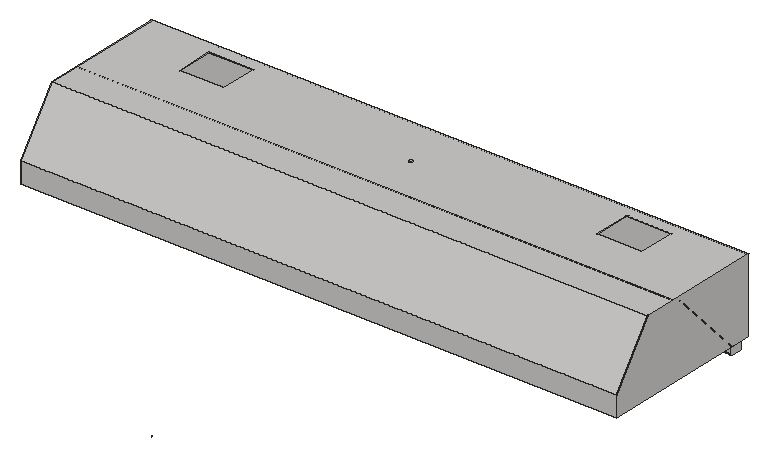
Revit family "QF_ELECTROLUXPROFESSIONAL_644240_ABPV1140DT", category Attrezzature speciali, Revit 2021
Family settings
  Quota connettore circolare = Usa diametro
  Tipo di parte = Normale
  Basato su piano di lavoro = No
  Sempre verticale = Sì
  Taglio con vuoti quando caricato = No
  Condiviso = No
  Punto di calcolo locali = No
Parameters (values of type "Standard")
  Weight = 109.00 kg
  Watts = 1100 W
  Volts = 220 V
  URL Manufacturer = "https://www.electroluxprofessional.com/"
  URL = "https://www.electroluxprofessional.com/"
  Steam Supply Size = 0 mm
  Steam Supply Minimum Pressure = 0.0 Pa
  Steam Supply Maximum Pressure = 0.0 Pa
  Steam Consumption per Hour = 0
  Refrigeration Suction Line Size = 0 mm
  Refrigeration Liquid Line Size = 0 mm
  Refrigerant Compressor Remote = yes
  Prospetto di default = 0 mm
  Produttore = "Electrolux Professional"
  Phase = 1
  Modello = "ABPV1140DT"
  Length Actual = 4000 mm  # constant formula
  Item Number = "644240"
  Hot Water Size = 0 mm
  Height Actual = 500 mm  # constant formula
  HP = "1.5 HP"
  Gas Size = 0 mm
  Gas KW = 0
  Gas Input Pressure = 0 W
  Direct Waste Size = 0 mm
  Descrizione = "304 S/S WALL HOOD+FILTER+FAN 4000X1100MM"
  Depth Actual = 1100 mm  # constant formula
  Cycle = 50 Hz
  Condensate Return Size = 0 mm
  Compressed Air Volume = 0.0 L/s
  Compressed Air Size = 0 mm
  Compressed Air Pressure = 0.0 Pa
  Cold Water Size = 0 mm
  Accessory = yes
Reference planes
  plane 1 "Center (Front/Back)": y = 0
  plane 2: z = 0
  plane 3 "Center (Left/Right)": x = 150
  plane 4 "LEFT": x = -1850
  plane 5 "RIGHT": x = 2150
  plane 6 "BACK": y = 550
  plane 7 "FRONT": y = -550
  plane 8 "TOP": z = 2500
  plane 9 "Base": z = 2000
  plane 10: z = 1926
  plane 11 "DrainY": y = 485
  plane 12: x = -1847
  plane 13: through (0, 414.509, 2000.8) normal (0, 0.7314, 0.682)
  plane 14: y = 470
  plane 15: y = 220
  plane 16 "DrainX": x = 2030
  plane 17: x = -1100
  plane 18: x = 1400
  plane 19: x = -1400
  plane 20: x = 1700
  plane 21: x = 2147
  plane 22: x = 1940
  plane 23: x = 2120
  plane 24: x = -1810
  plane 25: x = -1445
  plane 26: x = -1050
  plane 27: x = 2110
  plane 28: x = 1745
  plane 29: x = 1350
  plane 30: x = -47.5
  plane 31: x = 347.5
  plane 32: z = 2140
  plane 33: y = -289.2
Forms (mm)
  Extrusion 1, solid, material "QF_Finishes_Stainless Steel"
    sketch origin (-1850, 0, 360) x (0, 1, 0) y (0, 0, 1)
      loop
        line (550, 1640) -> (550, 2140) -> (-289.2, 2140) -> (-550, 1780) -> (-550, 1640) -> (550, 1640)
    from 0 to 3
  Extrusion 2, solid, material "QF_Finishes_Stainless Steel"
    sketch origin (150, 0, 360) x (0, 1, 0) y (0, 0, 1)
      loop
        line (415.255, 1640) -> (550, 1640) -> (550, 2139.19) -> (549.2, 2139.19) -> (549.2, 1640.8) -> (415.876, 1640.8) -> (339.347, 1722.867) -> (349.609, 1732.436) -> (348.927, 1733.167) -> (337.934, 1722.917) -> (415.255, 1640)
      loop
        line (-82.203, 2139.19) -> (-82.203, 2118.6) -> (-31.047, 2118.6) -> (34.354, 2048.466) -> (46.028, 2059.352) -> (45.346, 2060.083) -> (34.403, 2049.879) -> (-30.612, 2119.6) -> (-81.203, 2119.6) -> (-81.203, 2139.19) -> (-82.203, 2139.19)
    from -1997 to 1997
  Extrusion 3, solid, material "QF_Finishes_Stainless Steel"
    sketch origin (2150, 0, 360) x (0, 1, 0) y (0, 0, 1)
      loop
        line (550, 1640) -> (550, 2140) -> (-289.2, 2140) -> (-550, 1780) -> (-550, 1640) -> (550, 1640)
    from 0 to -3
  Extrusion 4, solid, material "QF_Finishes_Stainless Steel"
    sketch origin (150, 0, 360) x (0, 1, 0) y (0, 0, 1)
      loop
        line (550, 2139.19) -> (550, 2140) -> (-289.2, 2140) -> (-550, 1780) -> (-550, 1640) -> (-549.2, 1640) -> (-549.2, 1779.741) -> (-288.799, 2139.19) -> (550, 2139.19)
    from -2000 to 2000
  Extrusion 5, solid, material "QF_Finishes_Stainless Steel"
    sketch origin (150, 0, 360) x (0, 1, 0) y (0, 0, 1)
      loop
        line (534, 1640) -> (436, 1640) -> (436, 1627) -> (443.5, 1627) -> (443.5, 1576)
        arc (443.5, 1576) -> (446.429, 1568.929) -> (453.5, 1566) r 10
        line (453.5, 1566) -> (516.5, 1566)
        arc (516.5, 1566) -> (523.571, 1568.929) -> (526.5, 1576) r 10
        line (526.5, 1576) -> (526.5, 1627) -> (534, 1627) -> (534, 1640)
    from 1790 to 1970
  Extrusion 6, solid, material "QF_Finishes_Stainless Steel"
    sketch origin (0, 0, 2000) x (0, 1, 0) y (-1, 0, 0)
      loop
        circle (485, -2030) r 20
    from -76 to -74
  Extrusion 7, solid, material "QF_Finished_Chrome"
    sketch origin (150, 0, 360) x (0, 1, 0) y (0, 0, 1)
      loop
        line (337.934, 1722.917) -> (341.591, 1726.327) -> (38.011, 2051.876) -> (34.354, 2048.466) -> (337.934, 1722.917)
    from -1595 to -1960
  Extrusion 8, solid, material "QF_Finished_Chrome"
    sketch origin (150, 0, 360) x (0, 1, 0) y (0, 0, 1)
      loop
        line (337.934, 1722.917) -> (341.591, 1726.327) -> (38.011, 2051.876) -> (34.354, 2048.466) -> (337.934, 1722.917)
    from -197.5 to -1200
  Extrusion 9, solid, material "QF_Finishes_Stainless Steel"
    sketch origin (150, 0, 360) x (0, 1, 0) y (0, 0, 1)
      loop
        line (337.934, 1722.917) -> (341.591, 1726.327) -> (38.011, 2051.876) -> (34.354, 2048.466) -> (337.934, 1722.917)
    from 1997 to 1960
  Extrusion 10, solid, material "QF_Finishes_Stainless Steel"
    sketch origin (150, 0, 360) x (0, 1, 0) y (0, 0, 1)
      loop
        line (341.588, 1726.324) -> (38.009, 2051.874) -> (34.354, 2048.466) -> (337.934, 1722.917) -> (341.588, 1726.324)
    from -1595 to -1200
  Extrusion 11, solid, material "QF_Finished_Chrome"
    sketch origin (150, 0, 360) x (0, 1, 0) y (0, 0, 1)
      loop
        line (341.588, 1726.324) -> (38.009, 2051.874) -> (34.354, 2048.466) -> (337.934, 1722.917) -> (341.588, 1726.324)
    from 1595 to 1960
  Extrusion 12, void
    sketch origin (0, 0, 2500) x (0, 1, 0) y (-1, 0, 0)
      loop
        line (470, 1400) -> (220, 1400) -> (220, 1100) -> (470, 1100) -> (470, 1400)
    from 0 to -10
  Extrusion 13, void
    sketch origin (940, 0, 2500) x (0, 1, 0) y (-1, 0, 0)
      loop
        line (470, -460) -> (220, -460) -> (220, -760) -> (470, -760) -> (470, -460)
    from 0 to -10
  Extrusion 14, solid, material "QF_Finishes_Stainless Steel"
    sketch origin (0, 0, 0) x (1, 0, 0) y (0, 1, 0)
      loop
        line (-1850, 550) -> (-1850, 549) -> (-1849, 549) -> (-1849, 550) -> (-1850, 550)
    from 0 to 1
  Extrusion 15, solid, material "QF_Finishes_Stainless Steel"
    sketch origin (150, 0, 360) x (0, 1, 0) y (0, 0, 1)
      loop
        line (337.934, 1722.917) -> (341.591, 1726.327) -> (38.011, 2051.876) -> (34.354, 2048.466) -> (337.934, 1722.917)
    from -1960 to -1997
  Extrusion 16, solid, material "QF_Finishes_Stainless Steel"
    sketch origin (150, 0, 360) x (0, 1, 0) y (0, 0, -1)
      loop
        line (341.588, -1726.324) -> (337.934, -1722.917) -> (34.354, -2048.466) -> (38.009, -2051.874) -> (341.588, -1726.324)
    from -1595 to -1200
  Extrusion 17, solid, material "QF_Finished_Chrome"
    sketch origin (150, 0, 360) x (0, 1, 0) y (0, 0, 1)
      loop
        line (337.934, 1722.917) -> (341.591, 1726.327) -> (38.011, 2051.876) -> (34.354, 2048.466) -> (337.934, 1722.917)
    from 1200 to 197.5
  Extrusion 18, solid, material "QF_Finishes_Stainless Steel"
    sketch origin (150, 0, 360) x (0, 1, 0) y (0, 0, -1)
      loop
        line (341.588, -1726.324) -> (337.934, -1722.917) -> (34.354, -2048.466) -> (38.009, -2051.874) -> (341.588, -1726.324)
    from -197.5 to 197.5
  Extrusion 19, solid, material "QF_Finishes_Stainless Steel"
    sketch origin (0, 0, 2500) x (0, 1, 0) y (-1, 0, 0)
      loop
        circle (220, -150) r 10
    from 0 to 1.6
Cuts and joins
  Extrusion 12, Extrusion 13 cuts Extrusion 4
  joined: Extrusion 2, Extrusion 4
Lines and regions (mm)
  reference lines
    curve 1: line (150, 34.354, 2408.466) -> (150, 34.354, 2248.466)
  symbolic lines, style "SpecialityEquipment", detail levels coarse
    curve 2: line (2150, 550, 2500) -> (-1850, 550, 2500)
    curve 3: line (-1850, 550, 2500) -> (-1850, -550, 2500)
    curve 4: line (2150, -550, 2500) -> (2150, 550, 2500)
    curve 5: line (-1850, -550, 2500) -> (2150, -550, 2500)
    curve 6: line (-1400, 220, 2500) -> (-1100, 220, 2500)
    curve 7: line (-1400, 470, 2500) -> (-1400, 220, 2500)
    curve 8: line (-1100, 470, 2500) -> (-1400, 470, 2500)
    curve 9: line (-1100, 220, 2500) -> (-1100, 470, 2500)
    curve 10: line (1400, 470, 2500) -> (1400, 220, 2500)
    curve 11: line (1400, 220, 2500) -> (1700, 220, 2500)
    curve 12: line (1700, 470, 2500) -> (1400, 470, 2500)
    curve 13: line (1700, 220, 2500) -> (1700, 470, 2500)
    curve 14: line (-1850, -289.2, 0) -> (2150, -289.2, 0)
    curve 15: line (-1850, 550, 0) -> (2150, -289.2, 0)
    curve 16: line (2150, 550, 0) -> (-1850, -289.2, 0)
Dimensions and locks
  plane 4 "LEFT" to plane 5 "RIGHT" = 4000 mm
  equal spacing: plane 4 "LEFT", plane 3 "Center (Left/Right)", plane 5 "RIGHT"
  locked: plane 8 "TOP" to plane 9 "Base" at 500
  plane 9 "Base" to plane 10 = 74 mm
  plane 6 "BACK" to plane 11 "DrainY" = 65 mm  (x2)
  plane 4 "LEFT" to plane 12 = 3 mm
  plane 6 "BACK" to plane 14 = 80 mm
  plane 14 to plane 15 = 250 mm  (x2)
  plane 16 "DrainX" to plane 5 "RIGHT" = 120 mm
  locked: plane 17 to plane 18 at 2500
  equal spacing: plane 17, plane 3 "Center (Left/Right)", plane 18
  plane 19 to plane 17 = 300 mm
  plane 18 to plane 20 = 300 mm
  plane 21 to plane 5 "RIGHT" = 3 mm
  locked: plane 22 to plane 16 "DrainX" at 90
  locked: plane 16 "DrainX" to plane 23 at 90
  plane 6 "BACK" to plane 7 "FRONT" = 1100 mm  (x2)
  equal spacing: plane 6 "BACK", plane 1 "Center (Front/Back)", plane 7 "FRONT"
  plane 15 to plane 7 "FRONT" = 770 mm
  plane 14 to plane 6 "BACK" = 80 mm
  locked: plane 4 "LEFT" to plane 24 at 40
  locked: plane 24 to plane 25 at 365
  locked: plane 25 to plane 26 at 395
  locked: plane 27 to plane 28 at 365
  locked: plane 28 to plane 29 at 395
  locked: plane 27 to plane 5 "RIGHT" at 40
  locked: plane 30 to plane 31 at 395
  equal spacing: plane 30, plane 3 "Center (Left/Right)", plane 31
  plane 26 to plane 30 = 1002.5 mm
  plane 31 to plane 29 = 1002.5 mm
  plane 33 to plane 7 "FRONT" = 260.8 mm
  plane 32 to plane 9 "Base" = 140 mm
  locked: plane 9 "Base" to level at 2000
  aligned and locked: level to plane 2
  aligned and locked: Extrusion 2 to Extrusion 1
  aligned and locked: Extrusion 2 to Extrusion 3
  aligned and locked: plane 5 "RIGHT" to Extrusion 4
  aligned and locked: Extrusion 4 to plane 4 "LEFT"
  aligned and locked: plane 21 to Extrusion 9
  aligned and locked: plane 19 to Extrusion 12
  aligned and locked: Extrusion 12 to plane 17
  aligned and locked: Extrusion 12 to plane 15
  aligned and locked: Extrusion 12 to plane 14
  aligned and locked: Extrusion 13 to plane 20
  aligned and locked: plane 18 to Extrusion 13
  aligned and locked: plane 23 to Extrusion 5
  aligned and locked: Extrusion 5 to plane 22
  aligned and locked: Extrusion 9 to plane 27
  aligned and locked: Extrusion 11 to plane 27
  aligned and locked: Extrusion 11 to plane 28
  aligned and locked: Extrusion 8 to plane 26
  aligned and locked: plane 26 to Extrusion 10
  aligned and locked: Extrusion 10 to plane 25
  aligned and locked: plane 25 to Extrusion 7
  aligned and locked: Extrusion 7 to plane 24
  aligned and locked: Extrusion 15 to plane 12
  aligned and locked: plane 24 to Extrusion 15
  aligned and locked: Extrusion 16 to plane 29
  aligned and locked: Extrusion 16 to plane 28
  aligned and locked: Extrusion 3 to plane 21
  aligned and locked: plane 30 to Extrusion 8
  aligned and locked: Extrusion 17 to plane 29
  aligned and locked: Extrusion 17 to plane 31
  aligned and locked: plane 31 to Extrusion 18
  aligned and locked: Extrusion 18 to plane 30
Automatic sketch dimensions
  curve 5 to plane 4 "LEFT" = 0 mm
  curve 5 to plane 7 "FRONT" = 0 mm
  curve 9 to plane 15 = 0 mm
  curve 10 to plane 15 = 0 mm
  plane 14 to curve 8 = 0 mm
  plane 14 to curve 12 = 0 mm
  curve 3 to plane 6 "BACK" = 0 mm
  curve 5 to plane 5 "RIGHT" = 0 mm
  curve 11 to plane 20 = 0 mm
  curve 10 to plane 18 = 0 mm
  curve 6 to plane 17 = 0 mm
  curve 6 to plane 19 = 0 mm
  Extrusion 2 sketch curve to plane 13 = 0 mm  (x3)
  Extrusion 2 sketch curve to plane 9 "Base" = 0 mm
  plane 13 to Extrusion 2 sketch curve = 0 mm
  Extrusion 2 sketch curve to plane 6 "BACK" = 0 mm
  Extrusion 2 sketch curve to Extrusion 2 sketch curve = 65.646 mm
  Extrusion 2 sketch curve to Extrusion 2 sketch curve = 0.682 mm  (x2)
  Extrusion 2 sketch curve to Extrusion 2 sketch curve = 10.261 mm
  plane 9 "Base" to Extrusion 2 sketch curve = 82.917 mm
  Extrusion 2 sketch curve to plane 1 "Center (Front/Back)" = 46.028 mm
  Extrusion 2 sketch curve to Extrusion 2 sketch curve = 10.942 mm
  Extrusion 2 sketch curve to Extrusion 2 sketch curve = 0.049 mm
  Extrusion 2 sketch curve to plane 8 "TOP" = 20.4 mm
  Extrusion 2 sketch curve to plane 8 "TOP" = 21.4 mm
  Extrusion 2 sketch curve to plane 8 "TOP" = 0.81 mm  (x2)
  Extrusion 2 sketch curve to Extrusion 2 sketch curve = 50.156 mm
  Extrusion 2 sketch curve to Extrusion 2 sketch curve = 1 mm
  plane 9 "Base" to Extrusion 2 sketch curve = 0.8 mm
  Extrusion 2 sketch curve to plane 6 "BACK" = 0.8 mm
  Extrusion 3 sketch curve to plane 6 "BACK" = 0 mm
  curve 1 to plane 13 = 0 mm
  curve 1 to plane 1 "Center (Front/Back)" = 34.354 mm
  Extrusion 5 sketch curve to plane 9 "Base" = 0 mm
  Extrusion 5 sketch curve to plane 10 = 0 mm
  Extrusion 5 sketch curve to plane 9 "Base" = 13 mm  (x2)
  plane 14 to Extrusion 5 sketch curve = 34 mm
  Extrusion 5 sketch curve to Extrusion 5 sketch curve = 7.5 mm  (x2)
  Extrusion 5 sketch curve to Extrusion 5 sketch curve = 10 mm
  plane 11 "DrainY" to Extrusion 5 sketch curve = 31.5 mm
  Extrusion 5 sketch curve to plane 6 "BACK" = 23.5 mm
  Extrusion 6 sketch curve to plane 11 "DrainY" = 0 mm
  Extrusion 6 sketch curve to plane 16 "DrainX" = 0 mm
  Extrusion 7 sketch curve to plane 13 = 0 mm  (x2)
  Extrusion 7 sketch curve to plane 1 "Center (Front/Back)" = 34.354 mm
  Extrusion 7 sketch curve to Extrusion 7 sketch curve = 3.657 mm
  plane 9 "Base" to Extrusion 7 sketch curve = 82.917 mm
  Extrusion 8 sketch curve to plane 13 = 0 mm  (x2)
  Extrusion 8 sketch curve to plane 1 "Center (Front/Back)" = 34.354 mm
  Extrusion 8 sketch curve to Extrusion 8 sketch curve = 3.657 mm
  plane 9 "Base" to Extrusion 8 sketch curve = 82.917 mm
  Extrusion 9 sketch curve to plane 13 = 0 mm  (x2)
  Extrusion 9 sketch curve to plane 1 "Center (Front/Back)" = 34.354 mm
  Extrusion 9 sketch curve to Extrusion 9 sketch curve = 3.657 mm
  plane 9 "Base" to Extrusion 9 sketch curve = 82.917 mm
  Extrusion 10 sketch curve to plane 13 = 0 mm  (x2)
  Extrusion 10 sketch curve to plane 1 "Center (Front/Back)" = 34.354 mm
  Extrusion 10 sketch curve to Extrusion 10 sketch curve = 3.655 mm
  plane 9 "Base" to Extrusion 10 sketch curve = 82.917 mm
  Extrusion 11 sketch curve to plane 13 = 0 mm  (x2)
  Extrusion 11 sketch curve to plane 1 "Center (Front/Back)" = 34.354 mm
  Extrusion 11 sketch curve to Extrusion 11 sketch curve = 3.655 mm
  plane 9 "Base" to Extrusion 11 sketch curve = 82.917 mm
  Extrusion 12 sketch curve to plane 15 = 0 mm
  plane 14 to Extrusion 12 sketch curve = 0 mm
  Extrusion 12 sketch curve to plane 17 = 0 mm
  Extrusion 12 sketch curve to plane 19 = 0 mm
  Extrusion 13 sketch curve to plane 15 = 0 mm
  plane 14 to Extrusion 13 sketch curve = 0 mm
  Extrusion 13 sketch curve to plane 20 = 0 mm
  Extrusion 13 sketch curve to plane 18 = 0 mm
  Extrusion 14 sketch curve to plane 4 "LEFT" = 0 mm
  Extrusion 14 sketch curve to plane 6 "BACK" = 0 mm
  plane 4 "LEFT" to Extrusion 14 sketch curve = 1 mm
  Extrusion 14 sketch curve to Extrusion 14 sketch curve = 1 mm
  Extrusion 15 sketch curve to plane 13 = 0 mm  (x2)
  Extrusion 15 sketch curve to plane 1 "Center (Front/Back)" = 34.354 mm
  Extrusion 15 sketch curve to Extrusion 15 sketch curve = 3.657 mm
  plane 9 "Base" to Extrusion 15 sketch curve = 82.917 mm
  Extrusion 16 sketch curve to plane 13 = 0 mm  (x2)
  Extrusion 16 sketch curve to plane 1 "Center (Front/Back)" = 34.354 mm
  Extrusion 16 sketch curve to Extrusion 16 sketch curve = 3.655 mm
  plane 9 "Base" to Extrusion 16 sketch curve = 82.917 mm
  Extrusion 17 sketch curve to plane 13 = 0 mm  (x2)
  Extrusion 17 sketch curve to plane 1 "Center (Front/Back)" = 34.354 mm
  Extrusion 17 sketch curve to Extrusion 17 sketch curve = 3.657 mm
  plane 9 "Base" to Extrusion 17 sketch curve = 82.917 mm
  Extrusion 18 sketch curve to plane 13 = 0 mm  (x2)
  Extrusion 18 sketch curve to plane 1 "Center (Front/Back)" = 34.354 mm
  Extrusion 18 sketch curve to Extrusion 18 sketch curve = 3.655 mm
  plane 9 "Base" to Extrusion 18 sketch curve = 82.917 mm
  curve 1 to curve 1 = 160 mm
  Extrusion 4 sketch curve to plane 7 "FRONT" = 0 mm
  Extrusion 4 sketch curve to plane 8 "TOP" = 0 mm
  Extrusion 4 sketch curve to plane 33 = 0 mm
  Extrusion 4 sketch curve to plane 6 "BACK" = 0 mm
  Extrusion 4 sketch curve to plane 9 "Base" = 0 mm
  Extrusion 4 sketch curve to plane 32 = 0 mm
  Extrusion 4 sketch curve to plane 32 = 0.259 mm
  plane 7 "FRONT" to Extrusion 4 sketch curve = 0.8 mm
  Extrusion 4 sketch curve to Extrusion 4 sketch curve = 0.81 mm
  Extrusion 4 sketch curve to plane 33 = 0.401 mm
  Extrusion 1 sketch curve to plane 7 "FRONT" = 0 mm
  Extrusion 1 sketch curve to plane 8 "TOP" = 0 mm
  Extrusion 1 sketch curve to plane 33 = 0 mm
  Extrusion 1 sketch curve to plane 6 "BACK" = 0 mm
  Extrusion 1 sketch curve to plane 9 "Base" = 0 mm
  Extrusion 1 sketch curve to plane 32 = 0 mm
  Extrusion 3 sketch curve to plane 7 "FRONT" = 0 mm
  Extrusion 3 sketch curve to plane 33 = 0 mm
  Extrusion 3 sketch curve to plane 32 = 0 mm
  Extrusion 3 sketch curve to plane 9 "Base" = 0 mm
  Extrusion 3 sketch curve to plane 8 "TOP" = 0 mm
  curve 15 to plane 4 "LEFT" = 0 mm
  curve 14 to plane 4 "LEFT" = 0 mm
  curve 16 to plane 5 "RIGHT" = 0 mm
  curve 15 to plane 5 "RIGHT" = 0 mm
  plane 33 to curve 14 = 0 mm
  curve 16 to plane 6 "BACK" = 0 mm
  curve 15 to plane 6 "BACK" = 0 mm
  Extrusion 19 sketch curve to plane 3 "Center (Left/Right)" = 0 mm
  Extrusion 19 sketch curve to plane 15 = 0 mm
  radius of Extrusion 6 sketch curve = 20 mm
  radius of Extrusion 19 sketch curve = 10 mm
Connectors
  piping at (2030, 485, 1924), diameter 20
    settings: on Extrusion 6, index 1, connector inside diameter 609.6 mm, connector length 0 mm, flow factor 0, pipe flow 0.0 L/s, pressure drop 0.0 Pa, fitting loss kfactor 0, connector angle 0.00°, fixture units 0, engagement length 0 mm, angle of deflection 0.00°, flow configuration 1, flow direction 2, fitting loss method 0, system type 16, joint type 0, gender type 0, connector reference index -1, connector utility 0, adjustable connector no, is connector primary yes, connector description "Drain"
  hvac at (-1250, 345, 2500)
    settings: on Extrusion 12, index 2, duct flow 0.0 L/s, flow factor 0, pres drop 0.0 Pa, loss coef 0, conn angle 0.00°, conn width 250 mm, conn height 300 mm, conn diameter 609.6 mm, duct sys type 3, conn prof type 1, flow config 1, flow direction 0, loss method 0, conn ref index -1, conn util no, is conn primary yes, conn desc "EXHAUST OUTLET"
  hvac at (1550, 345, 2500)
    settings: on Extrusion 13, index 3, duct flow 0.0 L/s, flow factor 0, pres drop 0.0 Pa, loss coef 0, conn angle 0.00°, conn width 250 mm, conn height 300 mm, conn diameter 609.6 mm, duct sys type 3, conn prof type 1, flow config 1, flow direction 2, loss method 0, conn ref index -1, conn util no, is conn primary no, conn desc "EXHAUST OUTLET"
  electrical at (150, 220, 2501.6), driven by "Volts"
    settings: on Extrusion 19, index 4, voltage 220 V, apparent load 0 VA, apparent load phase1 0 VA, apparent load phase2 0 VA, apparent load phase3 0 VA, power factor 1, load classification "Other", number of poles 1, system type 30, power factor state 1, is connector primary yes, connector utility no, sub classification motor no, connector description "Electrical Connection"
